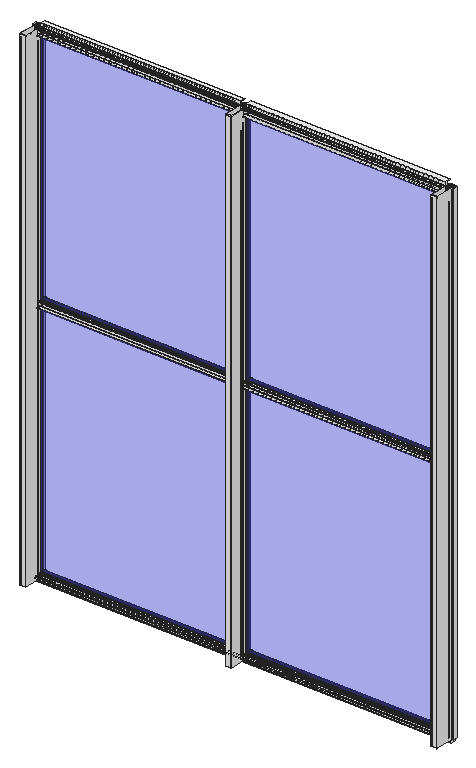
Revit family "Facade_60_Curtain_Wall_S22_Standard", category Windows, host Wall, Revit 2014 (continued)
Definition of nested family "F60 Horizontal Profile Middle_S22_Std"
  Forms (mm)
    Extrusion 7, solid, material <- "Profile Material", visible <- "Single Glazing"
      sketch origin (0, 0, 0) x (0, 1, 0) y (0, 0, 1)
        loop
          line (-73.759, 58.95) -> (-69.151, 58.95) -> (-69.151, 57.2)
          arc (-69.151, 57.2) -> (-68.987, 56.829) -> (-68.601, 56.703) r 0.5
          arc (-68.601, 56.703) -> (-68.216, 56.829) -> (-68.051, 57.2) r 0.5
          line (-68.051, 57.2) -> (-68.051, 58.517) -> (-67.089, 58.986) -> (-66.563, 57.907) -> (-63.866, 59.222)
          arc (-63.866, 59.222) -> (-64.001, 59.762) -> (-64.504, 60) r 0.65
          line (-64.504, 60) -> (-73.859, 60)
          arc (-73.859, 60) -> (-76.687, 58.828) -> (-77.859, 56) r 4
          line (-77.859, 56) -> (-77.859, 30) -> (-77.859, 2.493)
          arc (-77.859, 2.493) -> (-77.197, 0.799) -> (-75.562, 0.002) r 2.5
          arc (-75.562, 0.002) -> (-75.182, 0.132) -> (-75.021, 0.5) r 0.5
          line (-75.021, 0.5) -> (-75.021, 2) -> (-69.151, 2) -> (-69.151, 0.5)
          arc (-69.151, 0.5) -> (-69.005, 0.146) -> (-68.651, 0) r 0.5
          line (-68.651, 0) -> (-64.504, 0)
          arc (-64.504, 0) -> (-64.001, 0.238) -> (-63.866, 0.778) r 0.65
          line (-63.866, 0.778) -> (-66.563, 2.093) -> (-67.089, 1.014) -> (-68.051, 1.483) -> (-68.051, 2.8)
          arc (-68.051, 2.8) -> (-68.198, 3.154) -> (-68.551, 3.3) r 0.5
      from 0 to 250 <- "Length"
    Extrusion 8, solid, material <- "Thermal Break Material", visible <- "Double Glazing"
      sketch origin (0, 0, 0) x (0, 1, 0) y (0, 0, 1)
        loop
          line (-77.8, 27.673) -> (-77.8, 25.751)
          arc (-77.8, 25.751) -> (-77.654, 25.397) -> (-77.3, 25.251) r 0.5
          line (-77.3, 25.251) -> (-59.8, 25.251)
          arc (-59.8, 25.251) -> (-59.446, 25.397) -> (-59.3, 25.751) r 0.5
          line (-59.3, 25.751) -> (-59.3, 27.647) -> (-49.599, 27.647) -> (-47.528, 28.649)
          arc (-47.528, 28.649) -> (-46.803, 29.999) -> (-47.528, 31.349) r 1.62
          line (-47.528, 31.349) -> (-49.602, 32.353) -> (-59.3, 32.353) -> (-59.3, 34.251)
          arc (-59.3, 34.251) -> (-59.446, 34.604) -> (-59.8, 34.751) r 0.5
          line (-59.8, 34.751) -> (-77.3, 34.751)
          arc (-77.3, 34.751) -> (-77.654, 34.604) -> (-77.8, 34.251) r 0.5
          line (-77.8, 34.251) -> (-77.8, 32.327) -> (-76.4, 31.52) -> (-76.4, 28.482) -> (-77.8, 27.673)
        loop
          line (-59.006, 30.708) -> (-61.156, 32.858)
          arc (-61.156, 32.858) -> (-61.48, 33.074) -> (-61.863, 33.151) r 1
          line (-61.863, 33.151) -> (-73.8, 33.151)
          arc (-73.8, 33.151) -> (-74.507, 32.858) -> (-74.8, 32.151) r 1
          line (-74.8, 32.151) -> (-74.8, 27.851)
          arc (-74.8, 27.851) -> (-74.507, 27.144) -> (-73.8, 26.851) r 1
          line (-73.8, 26.851) -> (-61.863, 26.851)
          arc (-61.863, 26.851) -> (-61.48, 26.927) -> (-61.156, 27.144) r 1
          line (-61.156, 27.144) -> (-59.006, 29.294)
          arc (-59.006, 29.294) -> (-58.788, 29.618) -> (-58.713, 30.001) r 0.986
          arc (-58.713, 30.001) -> (-58.79, 30.383) -> (-59.006, 30.708) r 1.007
        loop
          line (-56.782, 28.347) -> (-49.415, 28.347) -> (-48.055, 29.005)
          arc (-48.055, 29.005) -> (-47.35, 29.887) -> (-47.854, 30.896) r 1.047
          line (-47.854, 30.896) -> (-49.415, 31.652) -> (-56.782, 31.652)
          arc (-56.782, 31.652) -> (-57.207, 31.416) -> (-57.23, 30.93) r 0.5
          arc (-57.23, 30.93) -> (-57.013, 29.999) -> (-57.23, 29.068) r 2.099
          arc (-57.23, 29.068) -> (-57.207, 28.583) -> (-56.782, 28.347) r 0.5
      from 0 to 250 <- "Length"
    Extrusion 9, solid, material <- "Profile Material", visible <- "Double Glazing"
      sketch origin (0, 0, 0) x (0, 1, 0) y (0, 0, 1)
        loop
          line (-77.8, 52.694) -> (-78.8, 52.694) -> (-78.8, 51.544) -> (-80.05, 51.544) -> (-80.05, 57.044) -> (-78.8, 57.044) -> (-78.8, 55.894) -> (-77.8, 55.894) -> (-77.8, 58.294)
          arc (-77.8, 58.294) -> (-78.082, 58.802) -> (-78.664, 58.834) r 0.6
          line (-78.664, 58.834) -> (-80.562, 57.909) -> (-81.088, 58.988) -> (-82.05, 58.518) -> (-82.05, 48.512)
          arc (-82.05, 48.512) -> (-81.874, 48.088) -> (-81.45, 47.912) r 0.6
          line (-81.45, 47.912) -> (-80.6, 47.912) -> (-80.6, 12.089) -> (-81.45, 12.089)
          arc (-81.45, 12.089) -> (-81.874, 11.913) -> (-82.05, 11.489) r 0.6
          line (-82.05, 11.489) -> (-82.05, 1.484) -> (-81.088, 1.015) -> (-80.562, 2.094) -> (-78.663, 1.169)
          arc (-78.663, 1.169) -> (-78.082, 1.199) -> (-77.8, 1.708) r 0.6
          line (-77.8, 1.708) -> (-77.8, 4.108) -> (-78.8, 4.108) -> (-78.8, 2.958) -> (-80.05, 2.958) -> (-80.05, 8.458) -> (-78.8, 8.458) -> (-78.8, 7.308) -> (-77.8, 7.308) -> (-77.8, 27.673) -> (-76.4, 28.482) -> (-76.4, 31.52) -> (-77.8, 32.328) -> (-77.8, 52.694)
      from 0 to 250 <- "Length"
    Extrusion 10, solid, material <- "Profile Material", visible <- "Double Glazing"
      sketch origin (0, 0, 0) x (0, 1, 0) y (0, 0, 1)
        loop
          line (-82.551, 3.3) -> (-90.558, 3.3) -> (-90.558, 30) -> (-90.558, 56.15)
          arc (-90.558, 56.15) -> (-89.738, 58.13) -> (-87.758, 58.95) r 2.8
          line (-87.758, 58.95) -> (-83.151, 58.95) -> (-83.151, 57.2)
          arc (-83.151, 57.2) -> (-82.986, 56.829) -> (-82.601, 56.703) r 0.5
          arc (-82.601, 56.703) -> (-82.215, 56.829) -> (-82.051, 57.2) r 0.5
          line (-82.051, 57.2) -> (-82.051, 58.517) -> (-81.088, 58.986) -> (-80.563, 57.907) -> (-77.866, 59.222)
          arc (-77.866, 59.222) -> (-78, 59.762) -> (-78.503, 60) r 0.65
          line (-78.503, 60) -> (-87.858, 60)
          arc (-87.858, 60) -> (-90.687, 58.828) -> (-91.858, 56) r 4
          line (-91.858, 56) -> (-91.858, 30) -> (-91.858, 2.493)
          arc (-91.858, 2.493) -> (-91.196, 0.799) -> (-89.561, 0.002) r 2.5
          arc (-89.561, 0.002) -> (-89.182, 0.132) -> (-89.021, 0.5) r 0.5
          line (-89.021, 0.5) -> (-89.021, 2) -> (-83.151, 2) -> (-83.151, 0.5)
          arc (-83.151, 0.5) -> (-83.004, 0.146) -> (-82.651, 0) r 0.5
          line (-82.651, 0) -> (-78.503, 0)
          arc (-78.503, 0) -> (-78, 0.238) -> (-77.866, 0.778) r 0.65
          line (-77.866, 0.778) -> (-80.563, 2.093) -> (-81.088, 1.014) -> (-82.051, 1.483) -> (-82.051, 2.8)
          arc (-82.051, 2.8) -> (-82.197, 3.154) -> (-82.551, 3.3) r 0.5
      from 0 to 250 <- "Length"
  Dimensions and locks
    aligned and locked: level to plane 2
Types (33, lengths in mm): name | Windload Design | Width | Vertical Profile Length | Overall Width | Overall Height | Mullion Side Gap | Mullion Configuration | Mid Transom Bottom Gap | Max Pane Area | Sill Length | Length Sill | Intruderprufe U Value | Intruderprufe SHGC Value | Intruderprufe LowE U Value | Intruderprufe LowE SHGC Value | Intruderprufe Insulated U Value | Intruderprufe Insulated SHGC Value | Intruderprufe Insulated LowE U Value | Intruderprufe Insulated LowE SHGC Value | Horizontal Profile Length | Glazing Width | Glazing Height | Glazing Gap SG | Glazing Gap DG | DG Thickness Calc | DG Thickness | Height | SG Thickness | Custom Curtain Wall Width | Custom Curtain Wall Height | Custom Windload | 190mm Mullion | 160mm Mullion | 100mm Mullion
  (no name) | 1000 | 4190 | 4960 | 4190 | 4990 | 2065 | 3 | 2480 | 4.97114 m² | 4190 | 4190 | 5.69 | 0.742 | 3.97 | 0.649 | 2.91 | 0.637 | 2.21 | 0.574 | 2005 | 2045.4 | 2430.4 | 2 | 2 | 8 | 6 | 4990 | 10 | 4190 | 4990 | 1000 | yes | no | no
  F60-S22-1825-1000Pa | 1000 | 1790 | 2460 | 2000 | 3000 | 865 | 1 | 1230 | 0.99791 m² | 1790 | 1790 | 5.65 | 0.68 | 4.259 | 0.596 | 3.14 | 0.586 | 2.52 | 0.528 | 805 | 845.4 | 1180.4 | 5 | 4 | 4 | 4 | 2490 | 4 | 1790 | 2490 | 1000 | no | no | yes
  F60-S22-1825-1500Pa | 1500 | 1790 | 2460 | 2000 | 3000 | 865 | 1 | 1230 | 0.99791 m² | 1790 | 1790 | 5.65 | 0.68 | 4.259 | 0.596 | 3.14 | 0.586 | 2.52 | 0.528 | 805 | 845.4 | 1180.4 | 5 | 4 | 4 | 4 | 2490 | 4 | 1790 | 2490 | 1500 | no | no | yes
  F60-S22-1825-2000Pa | 2000 | 1790 | 2460 | 2000 | 3000 | 865 | 1 | 1230 | 0.99791 m² | 1790 | 1790 | 5.65 | 0.68 | 4.259 | 0.596 | 3.14 | 0.586 | 2.52 | 0.528 | 805 | 845.4 | 1180.4 | 5 | 4 | 4 | 4 | 2490 | 4 | 1790 | 2490 | 2000 | no | no | yes
  F60-S22-2425-1000Pa | 1000 | 2390 | 2460 | 2000 | 3000 | 1165 | 1 | 1230 | 1.35203 m² | 2390 | 2390 | 5.67 | 0.688 | 4.26 | 0.603 | 3.11 | 0.592 | 2.49 | 0.534 | 1105 | 1145.4 | 1180.4 | 5 | 4 | 4 | 4 | 2490 | 4 | 2390 | 2490 | 1000 | no | no | yes
  F60-S22-2425-1500Pa | 1500 | 2390 | 2460 | 2000 | 3000 | 1165 | 1 | 1230 | 1.35203 m² | 2390 | 2390 | 5.67 | 0.688 | 4.26 | 0.603 | 3.11 | 0.592 | 2.49 | 0.534 | 1105 | 1145.4 | 1180.4 | 5 | 4 | 4 | 4 | 2490 | 4 | 2390 | 2490 | 1500 | no | no | yes
  F60-S22-2425-2000Pa | 2000 | 2390 | 2460 | 2000 | 3000 | 1165 | 2 | 1230 | 1.35203 m² | 2390 | 2390 | 5.67 | 0.688 | 4.26 | 0.603 | 3.11 | 0.592 | 2.49 | 0.534 | 1105 | 1145.4 | 1180.4 | 5 | 4 | 4 | 4 | 2490 | 4 | 2390 | 2490 | 2000 | no | yes | no
  F60-S22-3025-1000Pa | 1000 | 2990 | 2460 | 2000 | 3000 | 1465 | 1 | 1230 | 1.70615 m² | 2990 | 2990 | 5.69 | 0.698 | 4.22 | 0.612 | 3.08 | 0.601 | 2.44 | 0.542 | 1405 | 1445.4 | 1180.4 | 4.5 | 4 | 4 | 4 | 2490 | 5 | 2990 | 2490 | 1000 | no | no | yes
  F60-S22-3025-1500Pa | 1500 | 2990 | 2460 | 2000 | 3000 | 1465 | 1 | 1230 | 1.70615 m² | 2990 | 2990 | 5.69 | 0.698 | 4.22 | 0.612 | 3.08 | 0.601 | 2.44 | 0.542 | 1405 | 1445.4 | 1180.4 | 4.5 | 4 | 4 | 4 | 2490 | 5 | 2990 | 2490 | 1500 | no | no | yes
  F60-S22-3025-2000Pa | 2000 | 2990 | 2460 | 2000 | 3000 | 1465 | 2 | 1230 | 1.70615 m² | 2990 | 2990 | 5.69 | 0.698 | 4.22 | 0.612 | 3.08 | 0.601 | 2.44 | 0.542 | 1405 | 1445.4 | 1180.4 | 4.5 | 4 | 4 | 4 | 2490 | 5 | 2990 | 2490 | 2000 | no | yes | no
  F60-S22-3625-1000Pa | 1000 | 3590 | 2460 | 2000 | 3000 | 1765 | 1 | 1230 | 2.06027 m² | 3590 | 3590 | 5.71 | 0.705 | 4.19 | 0.618 | 3.06 | 0.607 | 2.41 | 0.547 | 1705 | 1745.4 | 1180.4 | 4.5 | 4 | 4 | 4 | 2490 | 5 | 3590 | 2490 | 1000 | no | no | yes
  F60-S22-3625-1500Pa | 1500 | 3590 | 2460 | 2000 | 3000 | 1765 | 2 | 1230 | 2.06027 m² | 3590 | 3590 | 5.71 | 0.705 | 4.19 | 0.618 | 3.06 | 0.607 | 2.41 | 0.547 | 1705 | 1745.4 | 1180.4 | 4.5 | 4 | 4 | 4 | 2490 | 5 | 3590 | 2490 | 1500 | no | yes | no
  F60-S22-3625-2000Pa | 2000 | 3590 | 2460 | 2000 | 3000 | 1765 | 2 | 1230 | 2.06027 m² | 3590 | 3590 | 5.71 | 0.705 | 4.19 | 0.618 | 3.06 | 0.607 | 2.41 | 0.547 | 1705 | 1745.4 | 1180.4 | 4.5 | 4 | 4 | 4 | 2490 | 5 | 3590 | 2490 | 2000 | no | yes | no
  F60-S22-4225-1000Pa | 1000 | 4190 | 2460 | 2000 | 2490 | 2065 | 1 | 1230 | 2.41439 m² | 4190 | 4190 | 5.72 | 0.71 | 4.18 | 0.622 | 3.04 | 0.611 | 2.38 | 0.551 | 2005 | 2045.4 | 1180.4 | 3.8 | 3 | 5 | 5 | 2490 | 6.4 | 4190 | 2490 | 1000 | no | no | yes
  F60-S22-4225-1500Pa | 1500 | 4190 | 2460 | 2000 | 2490 | 2065 | 2 | 1230 | 2.41439 m² | 4190 | 4190 | 5.72 | 0.71 | 4.18 | 0.622 | 3.04 | 0.611 | 2.38 | 0.551 | 2005 | 2045.4 | 1180.4 | 3.8 | 3 | 5 | 5 | 2490 | 6.4 | 4190 | 2490 | 1500 | no | yes | no
  F60-S22-4225-2000Pa | 2000 | 4190 | 2460 | 2000 | 2490 | 2065 | 2 | 1230 | 2.41439 m² | 4190 | 4190 | 5.72 | 0.71 | 4.18 | 0.622 | 3.04 | 0.611 | 2.38 | 0.551 | 2005 | 2045.4 | 1180.4 | 3.8 | 3 | 5 | 5 | 2490 | 6.4 | 4190 | 2490 | 2000 | no | yes | no
  F60-S22-4825-1000Pa | 1000 | 4790 | 2460 | 2000 | 2490 | 2365 | 1 | 1230 | 2.76851 m² | 4790 | 4790 | 5.72 | 0.714 | 4.16 | 0.626 | 3.03 | 0.615 | 2.36 | 0.554 | 2305 | 2345.4 | 1180.4 | 3.8 | 3 | 5 | 5 | 2490 | 6.4 | 4790 | 2490 | 1000 | no | no | yes
  F60-S22-4825-1500Pa | 1500 | 4790 | 2460 | 2000 | 2490 | 2365 | 2 | 1230 | 2.76851 m² | 4790 | 4790 | 5.72 | 0.714 | 4.16 | 0.626 | 3.03 | 0.615 | 2.36 | 0.554 | 2305 | 2345.4 | 1180.4 | 3.8 | 3 | 5 | 5 | 2490 | 6.4 | 4790 | 2490 | 1500 | no | yes | no
  F60-S22-4825-2000Pa | 2000 | 4790 | 2460 | 2000 | 2490 | 2365 | 2 | 1230 | 2.76851 m² | 4790 | 4790 | 5.72 | 0.714 | 4.16 | 0.626 | 3.03 | 0.615 | 2.36 | 0.554 | 2305 | 2345.4 | 1180.4 | 3.8 | 3 | 5 | 5 | 2490 | 6.4 | 4790 | 2490 | 2000 | no | yes | no
  F60-S22-5425-1000Pa | 1000 | 5390 | 2460 | 2000 | 2490 | 2665 | 1 | 1230 | 3.12263 m² | 5390 | 5390 | 5.73 | 0.717 | 4.15 | 0.628 | 3.02 | 0.617 | 2.35 | 0.556 | 2605 | 2645.4 | 1180.4 | 3 | 3 | 5 | 5 | 2490 | 8 | 5390 | 2490 | 1000 | no | no | yes
  F60-S22-5425-1500Pa | 1500 | 5390 | 2460 | 2000 | 2490 | 2665 | 2 | 1230 | 3.12263 m² | 5390 | 5390 | 5.73 | 0.717 | 4.15 | 0.628 | 3.02 | 0.617 | 2.35 | 0.556 | 2605 | 2645.4 | 1180.4 | 3 | 3 | 5 | 5 | 2490 | 8 | 5390 | 2490 | 1500 | no | yes | no
  F60-S22-5425-2000Pa | 2000 | 5390 | 2460 | 2000 | 2490 | 2665 | 2 | 1230 | 3.12263 m² | 5390 | 5390 | 5.73 | 0.717 | 4.15 | 0.628 | 3.02 | 0.617 | 2.35 | 0.556 | 2605 | 2645.4 | 1180.4 | 3 | 3 | 5 | 5 | 2490 | 8 | 5390 | 2490 | 2000 | no | yes | no
  F60-S22-6025-1000Pa | 1000 | 5990 | 2460 | 2000 | 2490 | 2965 | 1 | 1230 | 3.47675 m² | 5990 | 5990 | 5.74 | 0.72 | 4.14 | 0.63 | 3.01 | 0.619 | 2.34 | 0.558 | 2905 | 2945.4 | 1180.4 | 3 | 2 | 6 | 6 | 2490 | 8 | 5990 | 2490 | 1000 | no | no | yes
  F60-S22-6025-1500Pa | 1500 | 5990 | 2460 | 2000 | 2490 | 2965 | 2 | 1230 | 3.47675 m² | 5990 | 5990 | 5.74 | 0.72 | 4.14 | 0.63 | 3.01 | 0.619 | 2.34 | 0.558 | 2905 | 2945.4 | 1180.4 | 3 | 2 | 6 | 6 | 2490 | 8 | 5990 | 2490 | 1500 | no | yes | no
  F60-S22-6025-2000Pa | 2000 | 5990 | 2460 | 2000 | 2490 | 2965 | 2 | 1230 | 3.47675 m² | 5990 | 5990 | 5.74 | 0.72 | 4.14 | 0.63 | 3.01 | 0.619 | 2.34 | 0.558 | 2905 | 2945.4 | 1180.4 | 3 | 2 | 6 | 6 | 2490 | 8 | 5990 | 2490 | 2000 | no | yes | no
  F60-S22-1850-1000Pa | 1000 | 1790 | 4960 | 2000 | 2490 | 865 | 2 | 2480 | 2.05466 m² | 1790 | 1790 | 5.62 | 0.71 | 4.1 | 0.622 | 3.02 | 0.611 | 2.37 | 0.55 | 805 | 845.4 | 2430.4 | 4.5 | 4 | 4 | 4 | 4990 | 5 | 1790 | 4990 | 1000 | no | yes | no
  F60-S22-1850-1500Pa | 1500 | 1790 | 4960 | 2000 | 2490 | 865 | 3 | 2480 | 2.05466 m² | 1790 | 1790 | 5.62 | 0.71 | 4.1 | 0.622 | 3.02 | 0.611 | 2.37 | 0.55 | 805 | 845.4 | 2430.4 | 4.5 | 4 | 4 | 4 | 4990 | 5 | 1790 | 4990 | 1500 | yes | no | no
  F60-S22-1850-2000Pa | 2000 | 1790 | 4960 | 2000 | 2490 | 865 | 3 | 2480 | 2.05466 m² | 1790 | 1790 | 5.62 | 0.71 | 4.1 | 0.622 | 3.02 | 0.611 | 2.37 | 0.55 | 805 | 845.4 | 2430.4 | 4.5 | 4 | 4 | 4 | 4990 | 5 | 1790 | 4990 | 2000 | yes | no | no
  F60-S22-2450-1000Pa | 1000 | 2390 | 4960 | 2000 | 2490 | 1165 | 3 | 2480 | 2.78378 m² | 2390 | 2390 | 5.64 | 0.718 | 4.07 | 0.629 | 2.99 | 0.617 | 2.33 | 0.556 | 1105 | 1145.4 | 2430.4 | 3.8 | 3 | 5 | 5 | 4990 | 6.4 | 2390 | 4990 | 1000 | yes | no | no
  F60-S22-2450-1500Pa | 1500 | 2390 | 4960 | 2000 | 2490 | 1165 | 3 | 2480 | 2.78378 m² | 2390 | 2390 | 5.64 | 0.718 | 4.07 | 0.629 | 2.99 | 0.617 | 2.33 | 0.556 | 1105 | 1145.4 | 2430.4 | 3.8 | 3 | 5 | 5 | 4990 | 6.4 | 2390 | 4990 | 1500 | yes | no | no
  F60-S22-3050-1000Pa | 1000 | 2990 | 4960 | 2000 | 2490 | 1465 | 3 | 2480 | 3.5129 m² | 2990 | 2990 | 5.67 | 0.729 | 4.03 | 0.638 | 2.95 | 0.627 | 2.27 | 0.565 | 1405 | 1445.4 | 2430.4 | 3 | 2 | 6 | 6 | 4990 | 8 | 2990 | 4990 | 1000 | yes | no | no
  F60-S22-3650-1000Pa | 1000 | 3590 | 4960 | 2000 | 2490 | 1765 | 3 | 2480 | 4.24202 m² | 3590 | 3590 | 5.68 | 0.736 | 4 | 0.645 | 2.93 | 0.633 | 2.24 | 0.57 | 1705 | 1745.4 | 2430.4 | 3 | 2 | 6 | 6 | 4990 | 8 | 3590 | 4990 | 1000 | yes | no | no
  F60-S22-4250-1000Pa | 1000 | 4190 | 4960 | 4190 | 4990 | 2065 | 3 | 2480 | 4.97114 m² | 4190 | 4190 | 5.69 | 0.742 | 3.97 | 0.649 | 2.91 | 0.637 | 2.21 | 0.574 | 2005 | 2045.4 | 2430.4 | 2 | 2 | 8 | 6 | 4990 | 10 | 4190 | 4990 | 1000 | yes | no | no
